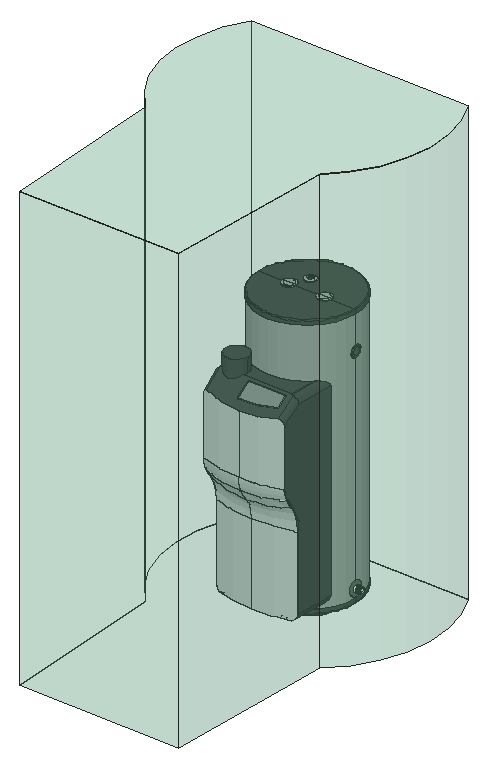
Revit family "Innovo GB_IR 12 200 GB LP", category Mechanical Equipment, Revit 2015
Parameters (values of type "IR-12-200 GB LP")
  Workspace Radius = Diameter + 170 mm  # 730 mm
  Workspace Height = Height + 1000 mm  # 2545 mm
  Workspace Front Distance = 1000 mm
  Working only during off-peak hour = no
  Width = Diameter  # 560 mm
  Workspace [instance] = yes
  Water heating energy efficiency class (2) = "A"
  Water heating energy efficiency class (1) = "A"  # constant formula
  Water heating energy efficiency (2) = "90%"
  Water heating energy efficiency (1) = "91%"
  Warranty on tank = "36 months"  # constant formula
  Warranty on parts = "12 months"  # constant formula
  Voltage = 230 V  # constant formula
  Valve Height 02 = if(and(Height = 1745 mm, Diameter = 675 mm), 1518 mm, if(and(Height = 1745 mm, Diameter = 610 mm), 1534 mm, if(Height = 1545 mm, 1328 mm, 1070 mm)))  # 1328 mm
  Valve Height 01 = if(and(Diameter > 560 mm), 693 mm, 604 mm)  # 604 mm
  URL = "www.aosmith.co.uk"
  Type of Packaging = "Carton and Wood"  # constant formula
  Transport Weight = 122 kg
  Trade mark = "A.O. Smith"  # constant formula
  Thermostat temperature setting = 65 °C  # constant formula
  T&P Connection Rp = 3/4"
  Storage Capacity = 200.0 L
  Standard Set For = "G31"
  Stand-by Loss - daily (24h) = 0 W
  Stand-by Loss = 0 W
  Smart control = no
  Serial Number = "8717449286125"
  Seasonal Energy Efficiency Rating = [Energy Efficiency Rating (Hs, acc NEN-EN 89-1999)]  # 95
  Recovery Rate @ ΔT = 70°C = 240.0 L/s
  Recovery Rate @ ΔT = 55°C = 300.0 L/s
  Recovery Rate @ ΔT = 50°C = 330.0 L/s
  Recovery Rate @ ΔT = 44°C = 380.0 L/s
  Recovery Rate @ ΔT = 28°C = 590.0 L/s
  Product Instruction Link = ""
  Product Documentation Link = ""
  Precaustions during assembling, installation or maintenance = "see User, Installation, Service and Maintenance Manual"  # constant formula
  Power Consumption (peak) = 85 W
  Power Consumption (nominal) = 36 W
  Phase = 1
  Packaging Width = 786 mm  # constant formula
  Packaging Length = 946 mm  # constant formula
  Packaging Height = 1695 mm
  Other load profile = "XXL"
  Operating Weight = 332 kg
  Nominal Output = "18700"
  Nominal Heat Input (Net) = "18000"
  Nominal Heat Input (Gross) = "19600"
  Noice-level dB (A) = "<45"  # constant formula
  NOx Emissions mg/kWh = "64.0/30.0"
  NOx Emissions (air free, 0% O2) ppm = "39.0/18.0"
  Model identifier = "IR-20-200"
  Model = "IR-20-200 GB LP"
  Min. Setpoint = 40 °C  # constant formula
  Max. Setpoint = 85 °C  # constant formula
  Max. Operating Pressure = 800000.0 Pa
  Max. Flue Gas Outlet Temperature = 61 °C
  Manufacturer Number = "E 7110"  # constant formula
  Manufacturer = "A.O. Smith Water Products Company b.v."  # constant formula
  Maintenance Interval = "12 months"  # constant formula
  Load profile = "XL"
  Length = 780 mm  # constant formula
  Insulation Thickness = 50 mm
  Installation Type = "B23/C13/C33/C43/C53/C63"  # constant formula
  Indoor sound power level = "52 dB"
  Hot / Warm Water Connection R = 3/4"
  Height Warm Water Outlet = 1545 mm
  Height Gas Connection = 860 mm
  Height Flue Outlet = 1305 mm
  Height Cold Water Inlet = 170 mm
  Height Air Inlet = 1305 mm
  Height = 1545 mm
  Heating Up Time @ ΔT = 70°C = "42"
  Heating Up Time @ ΔT = 55°C = "33"
  Heating Up Time @ ΔT = 50°C = "30"
  Heating Up Time @ ΔT = 44°C = "27"
  Heating Up Time @ ΔT = 28°C = "17"
  Gas Supply Pressure = 3700.0 Pa
  Gas Flow Rate - Volume ltr/hr = "n.a."
  Gas Flow Rate - Mass kg/h = "1.4"
  Gas Connection R = 15"  # constant formula
  Gas Category = "II2E3P"  # constant formula
  Frequency = 50 Hz  # constant formula
  Flue Diameter - water heater = "80/125 mm/mm"  # constant formula
  Flue Diameter - parallel system = "2x80"  # constant formula
  Flue Diameter - concentric system = "80/125 mm/mm"  # constant formula
  Energy Efficiency Rating (Hs, acc NEN-EN 89-1999) = 95
  Energy Efficiency Rating (Hi, acc NEN-EN 89-1999) = 106
  Empty Weight = 106 kg
  Draw-off Capacity @ ΔT = 70°C after 90 min. = 490.0 L
  Draw-off Capacity @ ΔT = 70°C after 60 min. = 370.0 L
  Draw-off Capacity @ ΔT = 70°C after 30 min. = 250.0 L
  Draw-off Capacity @ ΔT = 70°C after 120 min. = 610.0 L
  Draw-off Capacity @ ΔT = 55°C after 90 min. = 640.0 L
  Draw-off Capacity @ ΔT = 55°C after 60 min. = 490.0 L
  Draw-off Capacity @ ΔT = 55°C after 30 min. = 340.0 L
  Draw-off Capacity @ ΔT = 55°C after 120 min. = 790.0 L
  Draw-off Capacity @ ΔT = 50°C after 90 min. = 710.0 L
  Draw-off Capacity @ ΔT = 50°C after 60 min. = 540.0 L
  Draw-off Capacity @ ΔT = 50°C after 30 min. = 380.0 L
  Draw-off Capacity @ ΔT = 50°C after 120 min. = 870.0 L
  Draw-off Capacity @ ΔT = 44°C after 90 min. = 810.0 L
  Draw-off Capacity @ ΔT = 44°C after 60 min. = 620.0 L
  Draw-off Capacity @ ΔT = 44°C after 30 min. = 430.0 L
  Draw-off Capacity @ ΔT = 44°C after 120 min. = 990.0 L
  Draw-off Capacity @ ΔT = 28°C after 90 min. = 1300.0 L
  Draw-off Capacity @ ΔT = 28°C after 60 min. = 990.0 L
  Draw-off Capacity @ ΔT = 28°C after 30 min. = 700.0 L
  Draw-off Capacity @ ΔT = 28°C after 120 min. = 1600.0 L
  Drain Valve Connection Rp = 3/4"  # constant formula
  Diameter = 560 mm
  Destination / Country = "UK & Ireland"  # constant formula
  Description = "Condensing High Efficiency Storage Water Heater"  # constant formula
  Default Setpoint = 65 °C  # constant formula
  Created By = "http://www.cadcompany.nl/"
  Condens Discharge Connection = 40 mm  # constant formula
  Cold Water Connection R = 3/4"  # constant formula
  Co2 Emissions (tol. +/- 1.0) vol% = "10"
  CE-PIN = "0063CQ3037"  # constant formula
  BIM Content Developer = "CAD & Company"  # constant formula
  Assembly Code = "D3010"
  Annual fuel consumption (2) = "21 GJ GCV"
  Annual fuel consumption (1) = "16 GJ GCV"
  Annual electricity consumption (2) = "42 kWh"
  Annual electricity consumption (1) = "40 kWh"
  APS Pressure < = 115.0 Pa
  2nd Maintenance (general maintenance) = "12 months after installation"  # constant formula
  1e Maintenance (check-up) = "3 months after installation"  # constant formula
Reference planes
  plane 1 "Center (Front/Back)": y = 0
  plane 2: z = 0
  plane 3 "Center (Left/Right)": x = 0
  plane 4 "Pipe": through (-383.901, 912.349, 194.799) normal (-0.0879, -0.0879, 0.9923)
  plane 5 "footing": y = 118.925
  plane 6 "footing front": y = -237.85
  plane 7: x = -280
  plane 8: x = 280
  plane 9: z = 1545
Forms (mm)
  Revolve 1, solid, material "RAL 9005", detail levels medium+fine
    sketch origin (0, -237.85, 0) x (-1, 0, 0) y (0, 0, 1)
      loop
        line (0, 28.9) -> (-15, 28.9) -> (-15, 26.4) -> (-8.671, 26.4) -> (-8.671, 18) -> (-5.686, 18) -> (-6.626, 17.06) -> (-6.626, 12.06) -> (-8.671, 12.06) -> (-8.671, 10) -> (-10.031, 10) -> (-23.271, 5.181)
        arc (-23.271, 5.181) -> (-23.763, 4.836) -> (-24.017, 4.293) r 1.159
        line (-24.017, 4.293) -> (-24.017, 1.03)
        arc (-24.017, 1.03) -> (-23.715, 0.302) -> (-22.986, 0) r 1.03
        line (-22.986, 0) -> (0, 0) -> (0, 28.9)
      axis (0, 28.9) -> (0, 0)
    angle from 0 to 360
  Revolve 2, solid, material "RAL 9005", detail levels medium+fine
    sketch origin (0, 118.925, 0) x (-1, 0, 0) y (0, 0, 1)
      loop
        line (-180.984, 28.9) -> (-195.984, 28.9) -> (-195.984, 26.4) -> (-189.655, 26.4) -> (-189.655, 18) -> (-186.67, 18) -> (-187.61, 17.06) -> (-187.61, 12.06) -> (-189.655, 12.06) -> (-189.655, 10) -> (-191.015, 10) -> (-204.256, 5.181)
        arc (-204.256, 5.181) -> (-204.747, 4.836) -> (-205.001, 4.293) r 1.159
        line (-205.001, 4.293) -> (-205.001, 1.03)
        arc (-205.001, 1.03) -> (-204.699, 0.302) -> (-203.971, 0) r 1.03
        line (-203.971, 0) -> (-180.984, 0) -> (-180.984, 28.9)
      axis (-180.984, 28.9) -> (-180.984, 0)
    angle from 0 to 360
  Revolve 3, solid, material "RAL 9005", detail levels medium+fine
    sketch origin (0, 118.925, 0) x (-1, 0, 0) y (0, 0, 1)
      loop
        line (179.016, 28.9) -> (164.016, 28.9) -> (164.016, 26.4) -> (170.345, 26.4) -> (170.345, 18) -> (173.33, 18) -> (172.39, 17.06) -> (172.39, 12.06) -> (170.345, 12.06) -> (170.345, 10) -> (168.985, 10) -> (155.744, 5.181)
        arc (155.744, 5.181) -> (155.253, 4.836) -> (154.999, 4.293) r 1.159
        line (154.999, 4.293) -> (154.999, 1.03)
        arc (154.999, 1.03) -> (155.301, 0.302) -> (156.029, 0) r 1.03
        line (156.029, 0) -> (179.016, 0) -> (179.016, 28.9)
      axis (179.016, 28.9) -> (179.016, 0)
    angle from 0 to 360
Lines and regions (mm)
  symbolic lines
    curve 1: line (0, 280.06, 0) -> (0, -280.06, 0)
    curve 2: line (-255.06, 0, 0) -> (255.06, 0, 0)
  symbolic lines, style "Workspace"
    curve 3: line (623.261, 380.06, 0) -> (-623.261, 380.06, 0)
    curve 4: arc (-623.261, 380.06, 0) -> (-723.227, -99.209, 0) -> (-497.893, -533.856, 0) r 730
    curve 5: line (-497.893, -533.856, 0) -> (-454.283, -1492.825, 0)
    curve 6: line (-454.283, -1492.825, 0) -> (456.53, -1492.825, 0)
    curve 7: line (456.53, -1492.825, 0) -> (500.201, -531.695, 0)
    curve 8: arc (500.201, -531.695, 0) -> (723.44, -97.643, 0) -> (623.261, 380.06, 0) r 730
Dimensions and locks
  plane 5 "footing" to plane 1 "Center (Front/Back)" = 118.925 mm
  plane 1 "Center (Front/Back)" to plane 6 "footing front" = 237.85 mm
  "Diameter": plane 7 to plane 8
  equal spacing: plane 7, plane 3 "Center (Left/Right)", plane 8
  "Height": plane 9 to plane 2
  "Workspace Front Distance": curve 6 to nested 3
  "Workspace Radius": radius of curve 4
  "Workspace Radius": radius of curve 8
  aligned and locked: level to plane 2
  aligned and locked: nested 3 to Revolve 1 sketch curve
  aligned and locked: plane 3 "Center (Left/Right)" to Revolve 1 sketch curve
  aligned and locked: nested 3 to plane 1 "Center (Front/Back)"
  aligned and locked: plane 3 "Center (Left/Right)" to nested 3
  aligned and locked: nested 1 to plane 8
  aligned and locked: nested 5 to plane 8
  aligned and locked: nested 2 to plane 7
  aligned and locked: nested 4 to plane 7
  aligned and locked: nested 7 to plane 7
  aligned and locked: nested 8 to plane 3 "Center (Left/Right)"
  aligned and locked: plane 1 "Center (Front/Back)" to nested 8
  aligned and locked: nested 8 to nested 3
  aligned and locked: curve 5 to nested 8
  aligned and locked: curve 7 to nested 8
  aligned and locked: curve 3 to nested 8
Automatic sketch dimensions
  Revolve 1 sketch curve to level = 0 mm
  plane 3 "Center (Left/Right)" to Revolve 1 sketch curve = 5.686 mm
  Revolve 1 sketch curve to Revolve 1 sketch curve = 0.94 mm  (x2)
  Revolve 1 sketch curve to Revolve 1 sketch curve = 2.046 mm  (x2)
  Revolve 1 sketch curve to Revolve 1 sketch curve = 1.359 mm
  Revolve 1 sketch curve to Revolve 1 sketch curve = 6.329 mm
  level to Revolve 1 sketch curve = 4.091 mm
  Revolve 1 sketch curve to Revolve 1 sketch curve = 12.844 mm
  level to Revolve 1 sketch curve = 1.03 mm
  Revolve 1 sketch curve to Revolve 1 sketch curve = 0.111 mm
  level to Revolve 1 sketch curve = 5.181 mm
  Revolve 1 sketch curve to Revolve 1 sketch curve = 0.745 mm
  level to Revolve 1 sketch curve = 10 mm
  Revolve 1 sketch curve to Revolve 1 sketch curve = 2.06 mm
  Revolve 1 sketch curve to Revolve 1 sketch curve = 5 mm
  Revolve 1 sketch curve to Revolve 1 sketch curve = 8.4 mm
  Revolve 1 sketch curve to Revolve 1 sketch curve = 2.5 mm
  Revolve 1 sketch curve to level = 19.635 mm
  Revolve 1 sketch curve to Revolve 1 sketch curve = 46.465 mm
  Revolve 2 sketch curve to level = 0 mm
  level to Revolve 2 sketch curve = 1.03 mm
  Revolve 2 sketch curve to plane 8 = 74.999 mm
  level to Revolve 2 sketch curve = 5.181 mm
  Revolve 2 sketch curve to Revolve 2 sketch curve = 0.745 mm
  Revolve 2 sketch curve to Revolve 2 sketch curve = 0.397 mm
  Revolve 2 sketch curve to Revolve 2 sketch curve = 8.271 mm
  Revolve 2 sketch curve to Revolve 2 sketch curve = 13.241 mm
  Revolve 2 sketch curve to Revolve 2 sketch curve = 1.359 mm
  Revolve 2 sketch curve to Revolve 2 sketch curve = 6.329 mm
  Revolve 2 sketch curve to Revolve 2 sketch curve = 2.046 mm
  level to Revolve 2 sketch curve = 18 mm
  Revolve 2 sketch curve to Revolve 2 sketch curve = 0.94 mm  (x2)
  Revolve 2 sketch curve to Revolve 2 sketch curve = 8.671 mm
  Revolve 2 sketch curve to Revolve 2 sketch curve = 1.089 mm
  Revolve 2 sketch curve to Revolve 2 sketch curve = 8 mm
  Revolve 2 sketch curve to Revolve 2 sketch curve = 2.06 mm
  Revolve 2 sketch curve to Revolve 2 sketch curve = 8.4 mm
  Revolve 2 sketch curve to Revolve 2 sketch curve = 2.5 mm
  Revolve 2 sketch curve to Revolve 2 sketch curve = 0 mm
  Revolve 2 sketch curve to level = 19.635 mm
  Revolve 2 sketch curve to Revolve 2 sketch curve = 46.465 mm
  Revolve 3 sketch curve to level = 0 mm
  level to Revolve 3 sketch curve = 1.03 mm
  Revolve 3 sketch curve to plane 7 = 125.001 mm
  level to Revolve 3 sketch curve = 5.181 mm
  Revolve 3 sketch curve to Revolve 3 sketch curve = 0.745 mm
  Revolve 3 sketch curve to Revolve 3 sketch curve = 0.397 mm
  Revolve 3 sketch curve to Revolve 3 sketch curve = 8.271 mm
  Revolve 3 sketch curve to Revolve 3 sketch curve = 13.241 mm
  Revolve 3 sketch curve to Revolve 3 sketch curve = 1.359 mm
  Revolve 3 sketch curve to Revolve 3 sketch curve = 6.329 mm
  Revolve 3 sketch curve to Revolve 3 sketch curve = 2.046 mm
  level to Revolve 3 sketch curve = 18 mm
  Revolve 3 sketch curve to Revolve 3 sketch curve = 0.94 mm  (x2)
  Revolve 3 sketch curve to Revolve 3 sketch curve = 8.671 mm
  Revolve 3 sketch curve to Revolve 3 sketch curve = 1.089 mm
  Revolve 3 sketch curve to Revolve 3 sketch curve = 8 mm
  Revolve 3 sketch curve to Revolve 3 sketch curve = 2.06 mm
  Revolve 3 sketch curve to Revolve 3 sketch curve = 8.4 mm
  Revolve 3 sketch curve to Revolve 3 sketch curve = 2.5 mm
  Revolve 3 sketch curve to Revolve 3 sketch curve = 0 mm
  Revolve 3 sketch curve to level = 19.635 mm
  Revolve 3 sketch curve to Revolve 3 sketch curve = 46.465 mm
  curve 4 to curve 8 = 0 mm  (x2)
  plane 1 "Center (Front/Back)" to curve 2 = 0 mm
  curve 1 to plane 3 "Center (Left/Right)" = 0 mm
  plane 1 "Center (Front/Back)" to curve 4 = 0 mm
  curve 4 to plane 3 "Center (Left/Right)" = 0 mm
  curve 2 to plane 7 = 24.94 mm
  curve 2 to plane 8 = 24.94 mm
  curve 1 to plane 6 "footing front" = 42.21 mm
  plane 5 "footing" to curve 1 = 161.135 mm
Nested families
  nested 1: "Valve" at (280, -0.38, 1328) x (0, 1, 0) z (0, 0, 1), built-in parameter 1001364 <- "Valve Height 02", type "Valve"
  nested 2: "Drain Valve" at (-280, 0, 1328), built-in parameter 1001364 <- "Valve Height 02", type "Drain Valve"
  nested 3: "Housing Mother Housing S 57 (external)" at (0, -274.886, 0), type "Housing Mother_Housing S_57"
  nested 4: "Drain Valve" at (-280, 0, 177), type "Drain Valve"
  nested 5: "Drain Valve" at (280, 0, 107) x (-1, 0, 0) z (0, 0, 1), type "Drain Valve"
  nested 6: "Boiler" at (0, 0, 0), height <- "Height", type "Boiler"
    with height 1545 mm
  nested 7: "Drain Valve" at (-280, 0, 604), built-in parameter 1001364 <- "Valve Height 01", type "Drain Valve"
  nested 8: "Innovo_workspace" at (0, 0, 0), Workspace <- "Workspace", Workspace Distance Front <- "Workspace Front Distance", Workspace Height <- "Workspace Height", Workspace Radius <- "Workspace Radius", type "Workspace"
    with Workspace Radius 730 mm, Workspace Height 2545 mm, Workspace Distance Front 1000 mm, Workspace yes, Center to Front 492.825 mm
Connectors
  piping at (314.826, 0, 107), diameter 19.05, driven by "Drain Valve Connection Rp"
    settings: on nested 5, index 1, connector inside diameter 24", connector length 0 mm, flow factor 0, pipe flow 0.0 L/s, pressure drop 0.0 Pa, fitting loss kfactor 0, connector angle 0.00°, fixture units 0, engagement length 0 mm, angle of deflection 0.00°, flow configuration 0, flow direction 0, fitting loss method 0, system type 19, joint type 0, gender type 0, connector reference index -1, connector utility 0, adjustable connector no, is connector primary yes, connector description ""
  hvac at (-147.013, -321.326, 1310.674)
    settings: on nested 3, index 2, duct flow 0.0 L/s, flow factor 0, pres drop 0.0 Pa, loss coef 0, conn angle 0.00°, conn width 304.8 mm, conn height 304.8 mm, conn diameter 125 mm, duct sys type 4, conn prof type 0, flow config 0, flow direction 0, loss method 0, conn ref index -1, conn util no, is conn primary yes, conn desc ""
Definition of nested family "Valve"
  Parameters (values of type "Valve")
    Type Comments = "T&P valve (internal)"
    Manufacturer = "A.O. Smith"
  Reference planes
    plane 1 "Center (Front/Back)": y = 0
    plane 2: z = 0
    plane 3 "Center (Left/Right)": x = 0
  Forms (mm)
    Extrusion 1, solid, detail levels fine
      sketch origin (0, 0, 0) x (1, 0, 0) y (0, 0, 1)
        loop
          circle (0, 0) r 31.5
      from -2.271 to 1.4
    Sweep 2, solid, detail levels fine
      path origin (0, -1.4, 0) x (1, 0, 0) y (0, 0, 1)
        loop
          circle (0, 0) r 31.5
      profile origin (0, -1.4, 31.5) x (0, 0, -1) y (0, -1, 0)
        loop
          line (7.3, 0) -> (7.3, 3) -> (0, 0) -> (7.3, 0)
  Dimensions and locks
    aligned and locked: level to plane 2
Definition of nested family "Drain Valve"
  Reference planes
    plane 1 "Center (Front/Back)": y = 0
    plane 2: z = 0
    plane 3 "Center (Left/Right)": x = 0
  Forms (mm)
    Revolve 1, solid, detail levels medium+fine
      sketch origin (0, 0, 0) x (1, 0, 0) y (0, 0, 1)
        loop
          line (-33.442, 15.696) -> (-34.826, 14.329) -> (-34.93, 12.731) -> (-16.555, 12.731) -> (-16.555, 0) -> (15.787, 0) -> (15.787, 18.3) -> (-14.4, 18.3) -> (-17.148, 15.533) -> (-18.729, 16.697) -> (-20.091, 15.333) -> (-21.672, 16.496) -> (-23.034, 15.133) -> (-24.614, 16.296) -> (-25.976, 14.932) -> (-27.557, 16.096) -> (-28.919, 14.732) -> (-30.5, 15.896) -> (-31.862, 14.532) -> (-33.442, 15.696)
        axis (-34.93, 0) -> (15.787, 0)
      angle from 0 to 360
  Dimensions and locks
    aligned and locked: level to plane 2
  Nested families
    nested 1: "Rubber sealing" at (2.592, -0.155, 0) x (0.0023, -1, 0) z (0, 0, 1), type "Rubber sealing", detail levels fine
  Definition of nested family "Rubber sealing"
    Reference planes
      plane 1 "Center (Front/Back)": y = 0
      plane 2: z = 0
      plane 3 "Center (Left/Right)": x = 0
    Forms (mm)
      Extrusion 1, solid, detail levels fine
        sketch origin (141.861, 319.581, 0) x (1, 0, 0) y (0, 1, 0)
          loop
            line (-216.354, -311.898) -> (-216.354, -313.94)
            arc (-216.354, -313.94) -> (-141.602, -321.581) -> (-66.861, -313.835) r 366.966
            line (-66.861, -313.835) -> (-66.861, -311.791)
            arc (-66.861, -311.791) -> (-141.602, -319.581) -> (-216.354, -311.898) r 364.966
        from -80 to 80
      Extrusion 2, void
        sketch origin (141.861, 319.581, 0) x (1, 0, 0) y (0, 0, 1)
          loop
            circle (-141.861, 0) r 13
          loop
            circle (-141.861, 0) r 110
          loop
            circle (-141.861, 0) r 40
        from 311.563 to 332.684
      Extrusion 3, void
        sketch origin (141.861, 319.581, 0) x (1, 0, 0) y (0, 0, 1)
          loop
            circle (-141.861, 0) r 18.25
        from 315.524 to 326.084
    Cuts and joins
      Extrusion 2, Extrusion 3 cuts Extrusion 1
    Dimensions and locks
      aligned and locked: level to plane 2
Definition of nested family "Housing Mother Housing S 57 (external)"
  Parameters (values of type "Housing Mother_Housing S_57")
    radius [instance] = 280 mm
    distance to boiler center = if(diameter = 675 mm, 189 mm, if(diameter = 610 mm, 154 mm, 129 mm))  # 129 mm
    diameter = 560 mm
  Reference planes
    plane 1 "Center (Front/Back)": y = 0
    plane 2: z = 0
    plane 3 "Center (Left/Right)": x = 0
    plane 4 "left": through (-245.286, 145.886, 1200) normal (0.9994, 0.0349, 0)
    plane 5: y = -217.939
    plane 6: y = 145.886
    plane 7: z = 1232.6
    plane 8: z = 65.89
    plane 9 "right": through (245.286, 145.886, 1200) normal (0.9994, -0.0349, 0)
    plane 10 "display": through (0, -90.37, 1221.196) normal (0, -0.5736, 0.8192)
    plane 11 "Potentiostat": z = 867.899
    plane 12 "boiler center": y = 274.886
    plane 13: x = -280
    plane 14: x = 280
  Forms (mm)
    Extrusion 1, solid
      sketch origin (0, 0, 0) x (1, 0, 0) y (0, 1, 0)
        loop
          line (-245.286, 145.886) -> (-232.581, -217.939) -> (232.581, -217.939) -> (245.286, 145.886)
          arc (245.286, 145.886) -> (0, 0.923) -> (-245.286, 145.886) r 280
      from 0 to 1232.6
    Sweep 2, void
      path origin (0, 0, 0) x (0, 1, 0) y (0, 0, 1)
        loop
          line (-217.939, 1232.6) -> (-217.939, 795.555)
          arc (-217.939, 795.555) -> (-212.387, 754.285) -> (-197.694, 715.322) r 183.924
          arc (-197.694, 715.322) -> (-179.915, 684.628) -> (-159.106, 655.901) r 348.284
          arc (-159.106, 655.901) -> (-131.411, 600.328) -> (-121.88, 538.973) r 202.254
          line (-121.88, 538.973) -> (-121.88, 61.106)
      profile origin (0, -217.939, 1014.077) x (1, 0, 0) y (0, 1, 0)
        loop
          arc (0, 0) -> (-117.533, 9.941) -> (-231.728, 39.475) r 699.984
          arc (-231.728, 39.475) -> (-233.391, 40.705) -> (-234.07, 42.659) r 3.505
          line (-234.07, 42.659) -> (-254.062, 42.659) -> (-254.062, -142.593) -> (254.07, -142.593) -> (254.07, 42.659) -> (234.07, 42.659)
          arc (234.07, 42.659) -> (233.391, 40.705) -> (231.728, 39.475) r 3.505
          arc (231.728, 39.475) -> (117.533, 9.941) -> (0, 0) r 699.984
    Extrusion 3, void
      sketch origin (0, 0, 0) x (0, 1, 0) y (0, 0, 1)
        loop
          arc (102.864, 70.869) -> (99.804, 70.709) -> (96.874, 69.813) r 12.57
          arc (96.874, 69.813) -> (87.878, 66.533) -> (78.516, 64.529) r 69.114
          arc (78.516, 64.529) -> (76.41, 64.284) -> (74.294, 64.148) r 41.206
          arc (74.294, 64.148) -> (65.203, 64.335) -> (56.122, 64.782) r 318.661
          arc (56.122, 64.782) -> (30.585, 66.179) -> (5.028, 67.128) r 1456.581
          line (5.028, 67.128) -> (-84.534, 73.135)
          arc (-84.534, 73.135) -> (-86.363, 73.808) -> (-87.536, 75.365) r 3.455
          line (-87.536, 75.365) -> (-264.473, 75.365) -> (-264.473, 0) -> (160.886, 0) -> (160.886, 103.945) -> (145.886, 103.945)
          arc (145.886, 103.945) -> (145.104, 97.827) -> (142.923, 92.059) r 26.364
          arc (142.923, 92.059) -> (141.067, 88.936) -> (138.867, 86.045) r 31.715
          arc (138.867, 86.045) -> (135.576, 82.49) -> (132.021, 79.2) r 62.615
          arc (132.021, 79.2) -> (125.841, 74.697) -> (119.091, 71.103) r 54.444
          arc (119.091, 71.103) -> (116.371, 70.272) -> (113.531, 70.123) r 11.669
          line (113.531, 70.123) -> (102.864, 70.869)
      from -254.062 to 254.07
    Sweep 4, void
      path origin (0, 0, 0) x (1, 0, 0) y (0, 1, 0)
        loop
          line (-245.286, 145.886) -> (-232.581, -217.939)
      profile origin (-238.933, -36.027, 0) x (0.999391, 0.034899, 0) y (0, 0, 1)
        loop
          line (-4.454, 0) -> (47.084, 0) -> (47.084, 73.431)
          arc (47.084, 73.431) -> (14.222, 85.134) -> (0.255, 117.1) r 43.922
          line (0.255, 117.1) -> (-4.454, 117.1) -> (-4.454, 0)
    Sweep 5, void
      path origin (0, 0, 0) x (-1, 0, 0) y (0, 1, 0)
        loop
          line (-245.286, 145.886) -> (-232.581, -217.939)
      profile origin (238.933, -36.027, 0) x (0.999391, -0.034899, 0) y (0, 0, 1)
        loop
          line (4.454, 0) -> (4.454, 117.1) -> (-0.255, 117.1)
          arc (-0.255, 117.1) -> (-14.222, 85.134) -> (-47.084, 73.431) r 43.922
          line (-47.084, 73.431) -> (-47.084, 0) -> (4.454, 0)
    Sweep 6, void
      path origin (-239.899, -8.377, 0) x (-0.034899, 0.999391, 0) y (0, 0, 1)
        loop
          line (-209.69, 1141.272) -> (-79.18, 1232.6) -> (154.358, 1232.6)
      profile origin (-241.211, 29.188, 1232.6) x (0, 0, 1) y (0.999391, 0.034899, 0)
        loop
          line (-45, -30) -> (75, -30) -> (75, 0) -> (75, 55) -> (2.799, 55) -> (-1.253, 35.128)
          arc (-1.253, 35.128) -> (-16.771, 9.564) -> (-45, -0.308) r 44.287
          line (-45, -0.308) -> (-45, -30)
    Sweep 7, void
      path origin (239.899, -8.377, 0) x (0.034899, 0.999391, 0) y (0, 0, 1)
        loop
          line (-209.69, 1141.272) -> (-79.18, 1232.6) -> (154.358, 1232.6)
      profile origin (241.211, 29.188, 1232.6) x (0, 0, -1) y (-0.999391, 0.034899, 0)
        loop
          line (-75, -25) -> (45, -25) -> (45, -0.308)
          arc (45, -0.308) -> (16.771, 9.564) -> (1.253, 35.128) r 44.287
          line (1.253, 35.128) -> (-2.799, 55) -> (-75, 55) -> (-75, -25)
    Extrusion 8, void
      sketch origin (0, 0, 0) x (0, 1, 0) y (0, 0, 1)
        loop
          line (-270, 1336.099) -> (-270, 1099.081) -> (68.497, 1336.099) -> (-270, 1336.099)
      from -425.038 to 444.42
    Extrusion 9, solid, detail levels medium+fine
      sketch origin (0, 0, 0) x (1, 0, 0) y (0, 1, 0)
        loop
          circle (-147.013, -46.44) r 65
      from 1163.174 to 1310.674
    Extrusion 10, void
      sketch origin (0, -603.506, 861.895) x (0, 0.819152, 0.573576) y (-1, 0, 0)
        loop
          arc (618.322, -173) -> (623.272, -170.95) -> (625.322, -166) r 7
          line (625.322, -166) -> (625.322, 35)
          arc (625.322, 35) -> (623.272, 39.95) -> (618.322, 42) r 7
          line (618.322, 42) -> (535.473, 42)
          arc (535.473, 42) -> (530.688, 40.11) -> (528.488, 35.46) r 7
          arc (528.488, 35.46) -> (531.569, -67.592) -> (554.18, -168.18) r 540
          arc (554.18, -168.18) -> (556.724, -171.668) -> (560.831, -173) r 7
          line (560.831, -173) -> (618.322, -173)
      from 0 to 137.286
    Sweep 11, solid, detail levels fine
      path origin (0, 0, 867.899) x (-1, 0, 0) y (0, -1, 0)
        loop
          line (309.749, -35.617) -> (204.371, -35.617)
          arc (204.371, -35.617) -> (196.509, -34.687) -> (189.082, -31.947) r 33.677
          line (189.082, -31.947) -> (-9.574, 69.274)
      profile origin (-257.06, 35.617, 867.899) x (0, 1, 0) y (0, 0, 1)
        loop
          circle (0, 0) r 7.316
        loop
          circle (0, 0) r 6.465
    Revolve 12, void
      sketch origin (0, 274.886, 0) x (-1, 0, 0) y (0, 0, 1)
        loop
          line (280, 1243.838) -> (0, 1243.838) -> (0, 54.9) -> (280, 54.9) -> (280, 1243.838)
        axis (0, 1243.838) -> (0, 54.9)
      angle from 0 to 360
  Cuts and joins
    Sweep 2, Extrusion 3, Sweep 4, Sweep 5, Sweep 6, Sweep 7, Extrusion 8, Extrusion 10, Revolve 12 cuts Extrusion 1
  Dimensions and locks
    plane 8 to plane 2 = 65.89 mm
    plane 7 to plane 8 = 1166.71 mm
    "distance to boiler center": plane 12 "boiler center" to plane 6
    "diameter": plane 14 to plane 13
    equal spacing: plane 14, plane 3 "Center (Left/Right)", plane 13
    "radius": plane 3 "Center (Left/Right)" to plane 13
    aligned and locked: level to plane 2
    aligned and locked: Extrusion 1 to plane 7
    aligned and locked: Extrusion 1 sketch curve to plane 5
    aligned and locked: Sweep 2 to Extrusion 3
    aligned and locked: Extrusion 3 to Sweep 2  (x2)
    aligned and locked: plane 7 to Sweep 2 sketch curve
    aligned and locked: plane 3 "Center (Left/Right)" to Revolve 12 sketch curve
    aligned and locked: Revolve 12 sketch curve to plane 3 "Center (Left/Right)"
    aligned and locked: plane 13 to Revolve 12 sketch curve
  Automatic sketch dimensions
    Extrusion 1 sketch curve to plane 4 "left" = 0 mm  (x2)
    Extrusion 1 sketch curve to plane 6 = 0 mm  (x2)
    Extrusion 1 sketch curve to plane 3 "Center (Left/Right)" = 0 mm
    Extrusion 1 sketch curve to plane 9 "right" = 0 mm
    plane 6 to Extrusion 1 sketch curve = 135.037 mm
    Sweep 2 sketch curve to plane 5 = 0 mm
    plane 5 to Sweep 2 sketch curve = 106.195 mm
    Sweep 2 sketch curve to plane 5 = 96.059 mm
    plane 1 "Center (Front/Back)" to Sweep 2 sketch curve = 34.053 mm
    plane 11 "Potentiostat" to Sweep 2 sketch curve = 6.417 mm
    Sweep 2 sketch curve to plane 6 = 33.705 mm
    Sweep 2 sketch curve to plane 11 "Potentiostat" = 68.615 mm
    Sweep 2 sketch curve to plane 11 "Potentiostat" = 72.345 mm
    Sweep 2 sketch curve to Sweep 2 sketch curve = 176.349 mm
    Sweep 2 sketch curve to Sweep 2 sketch curve = 0 mm  (x2)
    plane 8 to Sweep 2 sketch curve = 4.784 mm
    Extrusion 3 sketch curve to level = 0 mm
    Extrusion 3 sketch curve to plane 6 = 0 mm
    Extrusion 3 sketch curve to plane 6 = 26.363 mm
    Extrusion 3 sketch curve to Extrusion 3 sketch curve = 4.75 mm
    Extrusion 3 sketch curve to Extrusion 3 sketch curve = 5.179 mm
    Extrusion 3 sketch curve to plane 8 = 4.232 mm
    Extrusion 3 sketch curve to Extrusion 3 sketch curve = 0.814 mm
    Extrusion 3 sketch curve to plane 8 = 4.978 mm
    Extrusion 3 sketch curve to Extrusion 3 sketch curve = 10.667 mm
    Extrusion 3 sketch curve to Extrusion 3 sketch curve = 0.877 mm
    Extrusion 3 sketch curve to Extrusion 3 sketch curve = 17.827 mm
    Extrusion 3 sketch curve to Extrusion 3 sketch curve = 5.646 mm
    Extrusion 3 sketch curve to plane 6 = 69.562 mm
    Extrusion 3 sketch curve to Extrusion 3 sketch curve = 18.6 mm
    Extrusion 3 sketch curve to Extrusion 3 sketch curve = 22.538 mm
    Extrusion 3 sketch curve to plane 8 = 1.238 mm
    Extrusion 3 sketch curve to plane 1 "Center (Front/Back)" = 5.028 mm
    plane 1 "Center (Front/Back)" to Extrusion 3 sketch curve = 36.224 mm
    Extrusion 3 sketch curve to plane 8 = 10.692 mm
    plane 1 "Center (Front/Back)" to Extrusion 3 sketch curve = 84.302 mm
    Extrusion 3 sketch curve to plane 8 = 7.244 mm
    Extrusion 3 sketch curve to Extrusion 3 sketch curve = 0.231 mm
    Extrusion 3 sketch curve to Extrusion 3 sketch curve = 3.234 mm
    plane 5 to Extrusion 3 sketch curve = 46.534 mm
    plane 6 to Extrusion 3 sketch curve = 15 mm
    Extrusion 3 sketch curve to level = 1388.869 mm
    plane 8 to Extrusion 3 sketch curve = 7.561 mm
    Extrusion 3 sketch curve to Extrusion 3 sketch curve = 11.64 mm
    Extrusion 3 sketch curve to plane 8 = 38.054 mm
    Extrusion 3 sketch curve to Extrusion 3 sketch curve = 22.442 mm
    Extrusion 3 sketch curve to plane 8 = 39.432 mm
    Extrusion 3 sketch curve to Extrusion 3 sketch curve = 2.466 mm
    Extrusion 3 sketch curve to Extrusion 3 sketch curve = 14.17 mm
    Extrusion 3 sketch curve to Extrusion 3 sketch curve = 5.925 mm
    Extrusion 3 sketch curve to Extrusion 3 sketch curve = 6.186 mm
    Extrusion 3 sketch curve to Extrusion 3 sketch curve = 249.85 mm
    Extrusion 3 sketch curve to Extrusion 3 sketch curve = 0 mm  (x4)
    Extrusion 3 sketch curve to Extrusion 3 sketch curve = 6.845 mm
    plane 8 to Extrusion 3 sketch curve = 1.743 mm
    Sweep 4 sketch curve to plane 4 "left" = 0 mm  (x2)
    Sweep 4 sketch curve to plane 6 = 0 mm
    plane 5 to Sweep 4 sketch curve = 0 mm
    Sweep 4 sketch curve to level = 0 mm
    profile plane to Sweep 4 sketch curve = 4.454 mm
    Sweep 4 sketch curve to profile plane = 0.255 mm
    Sweep 4 sketch curve to Sweep 4 sketch curve = 43.922 mm
    Sweep 4 sketch curve to profile plane = 47.084 mm
    level to Sweep 4 sketch curve = 73.431 mm
    Sweep 4 sketch curve to Sweep 4 sketch curve = 43.669 mm
    Sweep 5 sketch curve to plane 6 = 0 mm
    Sweep 5 sketch curve to plane 9 "right" = 0 mm  (x2)
    plane 5 to Sweep 5 sketch curve = 0 mm
    Sweep 5 sketch curve to level = 0 mm
    profile plane to Sweep 5 sketch curve = 47.084 mm
    Sweep 5 sketch curve to Sweep 5 sketch curve = 2.907 mm
    profile plane to Sweep 5 sketch curve = 0.255 mm
    Sweep 5 sketch curve to profile plane = 4.454 mm
    level to Sweep 5 sketch curve = 73.431 mm
    Sweep 5 sketch curve to Sweep 5 sketch curve = 43.669 mm
    Sweep 6 sketch curve to plane 7 = 0 mm
    plane 7 to Sweep 6 sketch curve = 91.328 mm
    Sweep 6 sketch curve to Sweep 6 sketch curve = 130.509 mm
    Sweep 6 sketch curve to Sweep 6 sketch curve = 233.538 mm
    Sweep 6 sketch curve to plane 4 "left" = 0 mm
    profile plane to Sweep 6 sketch curve = 45 mm
    Sweep 6 sketch curve to Sweep 6 sketch curve = 0.354 mm
    profile plane to Sweep 6 sketch curve = 1.253 mm
    Sweep 6 sketch curve to profile plane = 2.799 mm
    Sweep 6 sketch curve to Sweep 6 sketch curve = 72.201 mm
    Sweep 6 sketch curve to plane 4 "left" = 0.308 mm
    Sweep 6 sketch curve to Sweep 6 sketch curve = 29.692 mm
    plane 4 "left" to Sweep 6 sketch curve = 35.128 mm
    plane 4 "left" to Sweep 6 sketch curve = 55 mm
    Sweep 7 sketch curve to plane 7 = 0 mm
    Sweep 7 sketch curve to plane 7 = 91.328 mm
    Sweep 7 sketch curve to Sweep 7 sketch curve = 130.509 mm
    Sweep 7 sketch curve to Sweep 7 sketch curve = 233.538 mm
    Sweep 7 sketch curve to plane 9 "right" = 25 mm
    profile plane to Sweep 7 sketch curve = 75 mm
    profile plane to Sweep 7 sketch curve = 2.799 mm
    Sweep 7 sketch curve to profile plane = 1.253 mm
    Sweep 7 sketch curve to Sweep 7 sketch curve = 43.393 mm
    Sweep 7 sketch curve to profile plane = 45 mm
    Sweep 7 sketch curve to plane 9 "right" = 0.308 mm
    plane 9 "right" to Sweep 7 sketch curve = 35.128 mm
    Sweep 7 sketch curve to Sweep 7 sketch curve = 19.872 mm
    plane 5 to Extrusion 8 sketch curve = 52.061 mm
    Extrusion 8 sketch curve to plane 1 "Center (Front/Back)" = 68.497 mm
    plane 7 to Extrusion 8 sketch curve = 133.519 mm
    Extrusion 8 sketch curve to plane 7 = 103.499 mm
    plane 1 "Center (Front/Back)" to Extrusion 9 sketch curve = 46.44 mm
    Extrusion 9 sketch curve to plane 3 "Center (Left/Right)" = 147.013 mm
    Extrusion 10 sketch curve to plane 3 "Center (Left/Right)" = 0 mm
    Extrusion 10 sketch curve to plane 3 "Center (Left/Right)" = 35 mm
    Extrusion 10 sketch curve to Extrusion 10 sketch curve = 25.359 mm
    Extrusion 10 sketch curve to Extrusion 10 sketch curve = 57.491 mm
    Extrusion 10 sketch curve to plane 3 "Center (Left/Right)" = 42 mm
    Extrusion 10 sketch curve to Extrusion 10 sketch curve = 82.85 mm
    Extrusion 10 sketch curve to Extrusion 10 sketch curve = 7 mm
    Extrusion 10 sketch curve to Extrusion 10 sketch curve = 442 mm
    plane 3 "Center (Left/Right)" to Extrusion 10 sketch curve = 166 mm
    Extrusion 10 sketch curve to Extrusion 10 sketch curve = 0 mm  (x2)
    Sweep 11 sketch curve to plane 1 "Center (Front/Back)" = 31.947 mm
    Sweep 11 sketch curve to plane 3 "Center (Left/Right)" = 189.082 mm
    Sweep 11 sketch curve to plane 1 "Center (Front/Back)" = 1.94 mm
    Sweep 11 sketch curve to Sweep 11 sketch curve = 15.289 mm
    plane 3 "Center (Left/Right)" to Sweep 11 sketch curve = 9.574 mm
    Sweep 11 sketch curve to Sweep 11 sketch curve = 105.378 mm
    plane 1 "Center (Front/Back)" to Sweep 11 sketch curve = 69.274 mm
    Sweep 11 sketch curve to Sweep 11 sketch curve = 0 mm  (x2)
    Sweep 11 sketch curve to plane 11 "Potentiostat" = 0 mm
    Sweep 11 sketch curve to profile plane = 0 mm
    plane 8 to Revolve 12 sketch curve = 10.99 mm
    Revolve 12 sketch curve to plane 7 = 11.238 mm
    Revolve 12 sketch curve to level = 366.045 mm
    Revolve 12 sketch curve to Revolve 12 sketch curve = 971.917 mm
    Sweep 2 sketch curve to plane 3 "Center (Left/Right)" = 0 mm
    profile plane to Sweep 2 sketch curve = 0 mm
    Sweep 2 sketch curve to plane 3 "Center (Left/Right)" = 0.016 mm
    Sweep 2 sketch curve to profile plane = 42.782 mm  (x2)
    Sweep 2 sketch curve to plane 3 "Center (Left/Right)" = 230.568 mm
    plane 3 "Center (Left/Right)" to Sweep 2 sketch curve = 0.016 mm
    plane 3 "Center (Left/Right)" to Sweep 2 sketch curve = 230.568 mm
    Sweep 2 sketch curve to Sweep 2 sketch curve = 3.502 mm  (x2)
    Sweep 2 sketch curve to Sweep 2 sketch curve = 20 mm
    profile plane to Sweep 2 sketch curve = 142.593 mm
    Sweep 2 sketch curve to Sweep 2 sketch curve = 0.122 mm  (x2)
    Sweep 2 sketch curve to Sweep 2 sketch curve = 657.203 mm
    Sweep 2 sketch curve to Sweep 2 sketch curve = 19.991 mm
    radius of Extrusion 9 sketch curve = 65 mm
    radius of Sweep 11 sketch curve = 7.316 mm
    radius of Sweep 11 sketch curve = 6.465 mm
  Nested families
    nested 1: "display" at (65.5, -130.939, 1192.79) x (-1, 0, 0) z (0, -0.5736, 0.8192), type "display"
  Definition of nested family "display"
    Parameters (values of type "display")
      Default Elevation = 1219.2 mm
    Reference planes
      plane 1 "Center (Front/Back)": y = 0
      plane 2: z = 0
      plane 3 "Center (Left/Right)": x = 0
    Forms (mm)
      Extrusion 1, solid, detail levels medium+fine
        sketch origin (-16.958, 11.842, -343.878) x (1, 0, 0) y (0, 0, -1)
          loop
            line (-233.523, -343.878) -> (-233.523, -346.592) -> (332.686, -346.592) -> (332.686, -343.878) -> (-233.523, -343.878)
        from -228.7 to 150.822
      Extrusion 2, void
        sketch origin (-16.958, 6.842, -343.878) x (1, 0, 0) y (0, 1, 0)
          loop
            line (-233.523, 155.822) -> (-233.523, -223.7) -> (332.686, -223.7) -> (332.686, 155.822) -> (-233.523, 155.822)
          loop
            arc (-90.542, -48.267) -> (-88.492, -53.216) -> (-83.542, -55.267) r 7
            line (-83.542, -55.267) -> (117.458, -55.267)
            arc (117.458, -55.267) -> (122.408, -53.216) -> (124.458, -48.267) r 7
            line (124.458, -48.267) -> (124.458, 34.583)
            arc (124.458, 34.583) -> (122.568, 39.368) -> (117.918, 41.568) r 7
            arc (117.918, 41.568) -> (14.866, 38.487) -> (-85.722, 15.876) r 540
            arc (-85.722, 15.876) -> (-89.21, 13.332) -> (-90.542, 9.224) r 7
            line (-90.542, 9.224) -> (-90.542, -48.267)
        from 328.878 to 363.083
    Cuts and joins
      Extrusion 2 cuts Extrusion 1
    Dimensions and locks
      aligned and locked: level to plane 2
Definition of nested family "Boiler"
  Parameters (values of type "Boiler")
    radius [instance] = 280 mm
    height [instance] = 1270 mm
    Diameter = 560 mm
  Reference planes
    plane 1 "Center (Front/Back)": y = 0
    plane 2: z = 0
    plane 3 "Center (Left/Right)": x = 0
    plane 4: z = 1243.838
    plane 5: z = 1270
    plane 6 "bottom": z = 28.9
    plane 7: z = 54.9
    plane 8 "top controle": y = 88
    plane 9: x = -280
    plane 10: x = 280
  Forms (mm)
    Revolve 1, solid
      sketch origin (0, 0, 0) x (1, 0, 0) y (0, 0, 1)
        loop
          line (0, 54.9) -> (-280, 54.9) -> (-280, 32.9)
          arc (-280, 32.9) -> (-278.828, 30.072) -> (-276, 28.9) r 4
          line (-276, 28.9) -> (0, 28.9) -> (0, 54.9)
        axis (0, 28.9) -> (0, 54.9)
      angle from 0 to 360
    Revolve 2, solid
      sketch origin (1.311, 0, 0) x (1, 0, 0) y (0, 0, 1)
        loop
          line (-278.86, 1243.838) -> (-278.86, 54.9) -> (-1.311, 54.9) -> (-1.311, 1243.838) -> (-278.86, 1243.838)
        axis (-1.311, 1243.838) -> (-1.311, 54.9)
      angle from 0 to 360
    Revolve 3, solid
      sketch origin (-9.205, 0, 377.212) x (-1, 0, 0) y (0, 0, 1)
        loop
          line (-148.904, 892.788) -> (-110.805, 892.788) -> (-110.805, 895.963) -> (-141.883, 895.963) -> (-148.904, 893.62) -> (-148.904, 892.788)
        axis (-110.805, 892.788) -> (-110.805, 895.963)
      angle from 0 to 360
    Revolve 4, solid
      sketch origin (0, 0, 718.065) x (1, 0, 0) y (0, 0, -1)
        loop
          line (0, -525.773) -> (-280, -525.773) -> (-280, -547.935)
          arc (-280, -547.935) -> (-278.828, -550.763) -> (-276, -551.935) r 4
          line (-276, -551.935) -> (0, -551.935) -> (0, -525.773)
        axis (0, -551.935) -> (0, -525.773)
      angle from 0 to 360
    Revolve 5, solid
      sketch origin (0, 88, 0) x (1, 0, 0) y (0, 0, 1)
        loop
          line (-19.051, 1270) -> (-19.051, 1271.074) -> (-32.63, 1275.604) -> (-32.63, 1271.117) -> (-37.266, 1271.117) -> (-38.383, 1270) -> (-19.051, 1270)
        axis (-50.8, 1270) -> (-50.8, 1275.604)
      angle from 0 to 360
    Revolve 6, solid
      sketch origin (-217.12, 0, 372.245) x (-1, 0, 0) y (0, 0, 1)
        loop
          line (-153.622, 897.755) -> (-115.52, 897.755) -> (-115.52, 900.93) -> (-146.626, 900.93) -> (-153.622, 898.596) -> (-153.622, 897.755)
        axis (-115.52, 897.755) -> (-115.52, 900.93)
      angle from 0 to 360
  Dimensions and locks
    "height": plane 5 to plane 2
    plane 6 "bottom" to plane 2 = 28.9 mm
    locked: plane 5 to plane 4 at 26.162
    locked: plane 1 "Center (Front/Back)" to plane 8 "top controle" at 88
    "Diameter": plane 10 to plane 9
    equal spacing: plane 10, plane 3 "Center (Left/Right)", plane 9
    "radius": plane 3 "Center (Left/Right)" to plane 9
    locked: plane 9 to Revolve 2 sketch curve at 2.452
    aligned and locked: level to plane 2
    aligned and locked: Revolve 2 sketch curve to plane 7
    aligned and locked: Revolve 2 sketch curve to plane 4
    aligned and locked: Revolve 1 sketch curve to plane 7
    aligned and locked: plane 6 "bottom" to Revolve 1 sketch curve
    aligned and locked: Revolve 4 sketch curve to plane 3 "Center (Left/Right)"
    aligned and locked: plane 5 to Revolve 4 sketch curve
    aligned and locked: Revolve 4 sketch curve to plane 4
    aligned and locked: plane 9 to Revolve 4 sketch curve
    aligned and locked: Revolve 1 sketch curve to plane 9
    aligned and locked: Revolve 2 sketch curve to plane 3 "Center (Left/Right)"
    aligned and locked: plane 3 "Center (Left/Right)" to Revolve 2 sketch curve
  Automatic sketch dimensions
    Revolve 1 sketch curve to plane 3 "Center (Left/Right)" = 0 mm  (x2)
    Revolve 1 sketch curve to Revolve 1 sketch curve = 4 mm
    Revolve 1 sketch curve to level = 40 mm
    Revolve 1 sketch curve to Revolve 1 sketch curve = 305.1 mm
    Revolve 2 sketch curve to level = 366.045 mm
    Revolve 2 sketch curve to plane 5 = 945.755 mm
    Revolve 3 sketch curve to plane 5 = 0 mm
    Revolve 3 sketch curve to plane 3 "Center (Left/Right)" = 139.699 mm
    plane 5 to Revolve 3 sketch curve = 3.175 mm
    Revolve 3 sketch curve to Revolve 3 sketch curve = 7.022 mm
    Revolve 3 sketch curve to Revolve 3 sketch curve = 31.078 mm
    Revolve 3 sketch curve to Revolve 3 sketch curve = 0.832 mm
    Revolve 3 sketch curve to Revolve 3 sketch curve = 0 mm
    Revolve 3 sketch curve to Revolve 3 sketch curve = 2.338 mm
    Revolve 3 sketch curve to Revolve 3 sketch curve = 4.487 mm
    Revolve 4 sketch curve to plane 3 "Center (Left/Right)" = 0 mm
    Revolve 4 sketch curve to Revolve 4 sketch curve = 4 mm
    Revolve 4 sketch curve to Revolve 4 sketch curve = 68.738 mm
    Revolve 4 sketch curve to Revolve 4 sketch curve = 305.1 mm
    Revolve 6 sketch curve to plane 5 = 0 mm
    plane 3 "Center (Left/Right)" to Revolve 6 sketch curve = 63.497 mm
    plane 5 to Revolve 6 sketch curve = 3.175 mm
    Revolve 6 sketch curve to Revolve 6 sketch curve = 6.997 mm
    Revolve 6 sketch curve to Revolve 6 sketch curve = 31.106 mm
    Revolve 6 sketch curve to Revolve 6 sketch curve = 0.84 mm
    Revolve 6 sketch curve to Revolve 6 sketch curve = 0 mm
    Revolve 6 sketch curve to Revolve 6 sketch curve = 7.216 mm
    Revolve 6 sketch curve to Revolve 6 sketch curve = 0.391 mm
    Revolve 5 sketch curve to Revolve 5 sketch curve = 13.578 mm
    Revolve 5 sketch curve to Revolve 5 sketch curve = 1.074 mm
    Revolve 5 sketch curve to Revolve 5 sketch curve = 12.417 mm
    Revolve 5 sketch curve to Revolve 5 sketch curve = 5.753 mm
    Revolve 5 sketch curve to plane 5 = 1.117 mm
    Revolve 5 sketch curve to Revolve 5 sketch curve = 1.117 mm
    plane 5 to Revolve 5 sketch curve = 4.396 mm
    Revolve 5 sketch curve to plane 5 = 0 mm
    Revolve 5 sketch curve to Revolve 5 sketch curve = 4.487 mm
    Revolve 5 sketch curve to plane 3 "Center (Left/Right)" = 38.383 mm
    Revolve 5 sketch curve to plane 5 = 5.604 mm
Definition of nested family "Innovo_workspace"
  Parameters (values of type "Workspace")
    Workspace Radius [instance] = 730 mm
    Workspace Height [instance] = 2270 mm
    Workspace Distance Front [instance] = 1000 mm
    Workspace [instance] = yes
    URL = "www.aosmith.nl"
    Model = ""
    Manufacturer = "A.O. Smith Water Products Company b.v."  # constant formula
    Description = ""
    Created By = ""
    Center to Front [instance] = 492.825 mm
    BIM Content Developer = "CAD & Company"  # constant formula
    Assembly Code = ""
  Reference planes
    plane 1 "Center (Front/Back)": y = 0
    plane 2: z = 0
    plane 3 "Center (Left/Right)": x = 0
    plane 4 "Pipe": through (-383.901, 912.349, 194.799) normal (-0.0879, -0.0879, 0.9923)
    plane 5 "front": y = -492.825
  Forms (mm)
    Extrusion 1, solid, visible <- "Workspace"
      sketch origin (0, 0, 0) x (1, 0, 0) y (0, 1, 0)
        loop
          line (456.53, -1492.825) -> (500.201, -531.695)
          arc (500.201, -531.695) -> (723.44, -97.643) -> (623.261, 380.06) r 730
          line (623.261, 380.06) -> (-623.261, 380.06)
          arc (-623.261, 380.06) -> (-723.227, -99.209) -> (-497.893, -533.856) r 730
          line (-497.893, -533.856) -> (-454.283, -1492.825) -> (456.53, -1492.825)
      from 0 to 2270 <- "Workspace Height"
  Lines and regions (mm)
    symbolic lines
      curve 1: line (0, 280.06, 0) -> (0, -280.06, 0)
      curve 2: line (-255.06, 0, 0) -> (255.06, 0, 0)
  Dimensions and locks
    locked: Extrusion 1 sketch curve to curve 1 at 100
    "Workspace Distance Front": plane 5 "front" to Extrusion 1
    "Center to Front": plane 1 "Center (Front/Back)" to plane 5 "front"
    "Workspace Radius": radius of Extrusion 1 sketch curve  (x2)
    aligned and locked: level to plane 2
  Automatic sketch dimensions
    plane 1 "Center (Front/Back)" to curve 2 = 0 mm
    curve 1 to plane 3 "Center (Left/Right)" = 0 mm
    plane 3 "Center (Left/Right)" to curve 2 = 255.06 mm
    curve 1 to plane 1 "Center (Front/Back)" = 280.06 mm
    curve 2 to plane 3 "Center (Left/Right)" = 255.06 mm
    plane 5 "front" to curve 1 = 212.765 mm
    Extrusion 1 sketch curve to Extrusion 1 sketch curve = 0 mm  (x2)
    plane 1 "Center (Front/Back)" to Extrusion 1 sketch curve = 0 mm
    Extrusion 1 sketch curve to plane 3 "Center (Left/Right)" = 0 mm
    Extrusion 1 sketch curve to plane 5 "front" = 41.031 mm
    Extrusion 1 sketch curve to plane 3 "Center (Left/Right)" = 454.283 mm
    plane 3 "Center (Left/Right)" to Extrusion 1 sketch curve = 456.53 mm
    Extrusion 1 sketch curve to plane 5 "front" = 38.869 mm
    Extrusion 1 sketch curve to Extrusion 1 sketch curve = 961.131 mm
